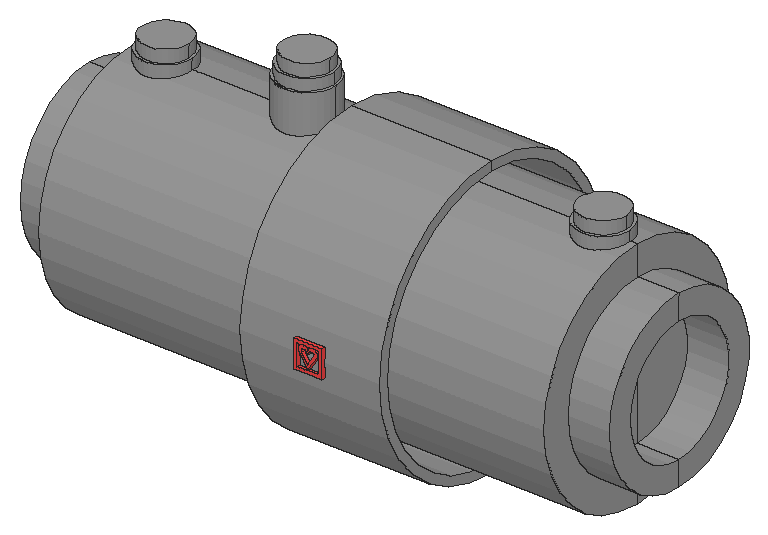
Revit family "HERZ System Separator 0307 IG-IG", category Rohrzubehör, Revit 2020
Family settings
  Bemaßung runder Anschluss = Durchmesser verwenden
  Teiletyp = Unterbricht
  OmniClass-Nummer = 23.65.55.14
  OmniClass-Titel = Valves for Liquid Services
  Arbeitsebenenbasiert = Nein
  Immer vertikal = Ja
  Beim Laden mit Abzugskörper schneiden = Nein
  Gemeinsam genutzt = Nein
Parameters (values of type "IG-IG DN40-DN40")
  Vorgabe-Ansicht = 0.000 mm
  URL = "www.herzvalves.com"
  SCTWSEQ = "AW;SBT_TYP_AW=\"104\";2"
  SCTWCODE = "04;12;02"  # constant formula
  S03 = 15.000 mm  # constant formula
  S02 = 45.000 mm  # constant formula
  S01 = 98.000 mm  # constant formula
  Nennweite Ein [instance] = if(IG_IG_DN40_DN40, 40.000 mm, if(IG_IG_DN40_DN50, 40.000 mm, if(IG_IG_DN50_DN40, 50.000 mm, if(IG_IG_DN50_DN50, 50.000 mm, 0.000 mm))))  # 40.000 mm
  Nennweite Aus [instance] = if(IG_IG_DN40_DN40, 40.000 mm, if(IG_IG_DN40_DN50, 50.000 mm, if(IG_IG_DN50_DN40, 40.000 mm, if(IG_IG_DN50_DN50, 50.000 mm, 0.000 mm))))  # 40.000 mm
  Model = "The backflow preventer has been developed in accordance with the standard DIN EN 1717.\r\nAccording to this standard, the water quality is divided up into 5 classes depending on the degree of contamination.\r\nBackflow preventers of type BA provide protection against non-drinking water up to hazard class 4.\r\nThis is the highest hazard class that may be safeguarded with a valve.\r\nSafeguarding a standpipe with a lower form of protection than a system separator of type BA per DIN EN 1717 is no longer reflective of current engineering practice and the operator is therefore liable in the event of damage with such a standpipe.\r\nThe functional unit is designed as a single-piece cartridge with large-dimension control piston and pressure surge-damped discharge valve system.\r\nThreaded connections are mutually interchangeable, whereby 16 possible connection variants exist (intake and outlet side available in 1 1/2\" inner or outer thread, alternatively in 2\" inner or outer thread)."
  Medium = "Water (without steam)"  # constant formula
  Max. permissible temperature (short-term) = 80 °C  # constant formula
  Max. operating temperature = 65 °C  # constant formula
  Max. operating pressure = 1000000.0 Pa  # constant formula
  L08 = 45.000 mm  # constant formula
  L07 = 24.500 mm  # constant formula
  L06 = 70.000 mm  # constant formula
  L05 = 28.000 mm  # constant formula
  L04 = 13.500 mm  # constant formula
  L03 = 84.500 mm  # constant formula
  L02 = 18.000 mm  # constant formula
  L01 = 190.000 mm  # constant formula
  Installation position = "Horizontal or perpendicular pointing downwards"  # constant formula
  Note = "Pursuant to Article 33 of the REACH Regulation (EC No. 1907/2006), we are obliged to point out that the material lead is listed on the SVHC list and that all brass components manufactured in our products exceed 0.1% (w / w) lead (CAS: 7439-92-1 / EINECS: 231-100-4).\r\nSince lead is a component part of an alloy, actual exposure is not possible and therefore no additional information on safe use is necessary."
  Hersteller = "HERZ Armaturen Ges.m.b.H."  # constant formula
  D04 [instance] = if(IG_IG_DN40_DN40, 28.000 mm, if(IG_IG_DN40_DN50, 33.000 mm, if(IG_IG_DN50_DN40, 28.000 mm, if(IG_IG_DN50_DN50, 33.000 mm, 0.000 mm))))  # 28.000 mm
  D03 [instance] = if(IG_IG_DN40_DN40, 28.000 mm, if(IG_IG_DN40_DN50, 28.000 mm, if(IG_IG_DN50_DN40, 33.000 mm, if(IG_IG_DN50_DN50, 33.000 mm, 0.000 mm))))  # 28.000 mm
  D02 = 45.000 mm  # constant formula
  D01 = 37.500 mm  # constant formula
  Body = "stainless steel"  # constant formula
  Part number [instance] = if(IG_IG_DN40_DN40, "I030701", if(IG_IG_DN40_DN50, "I030709", if(IG_IG_DN50_DN40, "I030713", if(IG_IG_DN50_DN50, "I030705", "0"))))  # "I030701"
  IG_IG_DN50_DN50 = no
  IG_IG_DN50_DN40 = no
  IG_IG_DN40_DN50 = no
  IG_IG_DN40_DN40 = yes
  IG Ein [instance] = Nennweite Ein / 2  # 20.000 mm
  IG Aus [instance] = Nennweite Aus / 2  # 20.000 mm
  Application = "The backflow preventer is an economical solution for retrofitting to standpipes that are required to have a mandatory safety valve according to DIN EN 1717 for preventing the back-suction, back-flowing or back-pressuring of non-drinking water into the drinking water line.\r\nThe backflow preventer is suitable for horizontal installation.\r\nIt can also be fitted perpendicular, although only pointing downwards.\r\nIt is not approved for installation in a riser."
Types (5, lengths in mm): name | Nennweite Ein | Nennweite Aus | D04 | D03 | Part number | IG_IG_DN50_DN50 | IG_IG_DN50_DN40 | IG_IG_DN40_DN50 | IG_IG_DN40_DN40 | IG Ein | IG Aus
  (no name) | 40.000 | 40.000 | 28.000 | 28.000 | "I030701" | no | no | no | yes | 20.000 | 20.000
  IG-IG DN40-DN50 | 40.000 | 50.000 | 33.000 | 28.000 | "I030709" | no | no | yes | no | 20.000 | 25.000
  IG-IG DN40-DN40 | 40.000 | 40.000 | 28.000 | 28.000 | "I030701" | no | no | no | yes | 20.000 | 20.000
  IG-IG DN50-DN50 | 50.000 | 50.000 | 33.000 | 33.000 | "I030705" | yes | no | no | no | 25.000 | 25.000
  IG-IG DN50-DN40 | 50.000 | 40.000 | 28.000 | 33.000 | "I030713" | no | yes | no | no | 25.000 | 20.000
Reference planes
  plane 1 "Mitte (Vorne/hinten)": y = 0
  plane 2: z = 0
  plane 3 "Mitte (Links/rechts)": x = 0
Forms (mm)
  Revolve 1, solid, material "Messing, weicher Gelbton, geschweißt", detail levels fine
    sketch origin (0, 0, 0) x (1, 0, 0) y (0, 0, 1)
      loop
        line (81.5, 0) -> (81.5, 20) -> (95, 20) -> (95, 28) -> (81.5, 28) -> (81.5, 37.5) -> (-81.5, 37.5) -> (-81.5, 28) -> (-95, 28) -> (-95, 20) -> (-81.5, 20) -> (-81.5, 0) -> (81.5, 0)
      axis (-95, 0) -> (95, 0)
    angle from 0 to 360
  Revolve 2, solid, material "Acetalharz, Schwarz", detail levels fine
    sketch origin (0, 0, 0) x (1, 0, 0) y (0, 0, 1)
      loop
        line (-10.5, 0) -> (1.5, 0) -> (1.5, 42) -> (34.5, 42) -> (34.5, 45) -> (-10.5, 45) -> (-10.5, 0)
      axis (-10.5, 0) -> (34.5, 0)
    angle from 0 to 360
  Extrusion 3, solid, material "Messing, weicher Gelbton, geschweißt", detail levels fine
    sketch origin (0, 0, 0) x (1, 0, 0) y (0, 1, 0)
      loop
        circle (-70.5, 0) r 8.5
      loop
        circle (70.5, 0) r 8.5
    from 0 to 40.5
  Extrusion 4, solid, material "Acetalharz, Schwarz", detail levels fine
    sketch origin (0, 0, 0) x (1, 0, 0) y (0, 1, 0)
      loop
        circle (-70.5, 0) r 7.5
      loop
        circle (70.5, 0) r 7.5
    from 40.5 to 44.5
  Extrusion 5, solid, material "Messing, weicher Gelbton, geschweißt", detail levels fine
    sketch origin (0, 0, 0) x (1, 0, 0) y (0, 1, 0)
      loop
        circle (-25, 0) r 9.3
    from 0 to 49
  Extrusion 6, solid, material "Messing, weicher Gelbton, geschweißt", detail levels fine
    sketch origin (0, 0, 0) x (1, 0, 0) y (0, 1, 0)
      loop
        circle (-25, 0) r 8.5
    from 49 to 52.5
  Extrusion 7, solid, material "Acetalharz, Schwarz", visible <- "IG_IG_DN40_DN50", detail levels fine
    sketch origin (0, 0, 0) x (1, 0, 0) y (0, 1, 0)
      loop
        circle (-25, 0) r 7.5
    from 52.5 to 56.5
  Extrusion 8, solid, material "Acetalharz, Schwarz", visible <- "IG_IG_DN40_DN40", detail levels fine
    sketch origin (0, 0, 0) x (1, 0, 0) y (0, 1, 0)
      loop
        circle (-25, 0) r 7.5
    from 52.5 to 56.4
  Extrusion 9, solid, material "Acetalharz, Schwarz", visible <- "IG_IG_DN50_DN50", detail levels fine
    sketch origin (0, 0, 0) x (1, 0, 0) y (0, 1, 0)
      loop
        circle (-25, 0) r 7.5
    from 52.5 to 56.3
  Extrusion 10, solid, material "Acetalharz, Schwarz", visible <- "IG_IG_DN50_DN40", detail levels fine
    sketch origin (0, 0, 0) x (1, 0, 0) y (0, 1, 0)
      loop
        circle (-25, 0) r 7.5
    from 52.5 to 56.2
Lines and regions (mm)
  model lines, detail levels coarse+medium
    curve 1: line (-95, 0, 37.5) -> (95, 0, 37.5)
    curve 2: line (-95, 0, -37.5) -> (-95, 0, 37.5)
    curve 3: line (95, 0, -37.5) -> (-95, 0, -37.5)
    curve 4: line (95, 0, 37.5) -> (95, 0, -37.5)
    curve 5: line (-95, 0, -22.5) -> (-50, 0, -22.5)
    curve 6: line (-3, 0, -22.5) -> (95, 0, -22.5)
    curve 7: line (-95, 0, 22.5) -> (-50, 0, 22.5)
    curve 8: line (-3, 0, 22.5) -> (95, 0, 22.5)
    curve 9: line (-95, 37.5, 0) -> (95, 37.5, 0)
    curve 10: line (-95, -37.5, 0) -> (-95, 37.5, 0)
    curve 11: line (95, -37.5, 0) -> (-95, -37.5, 0)
    curve 12: line (95, 37.5, 0) -> (95, -37.5, 0)
    curve 13: line (-95, 22.5, 0) -> (-50, 22.5, 0)
    curve 14: line (-3, 22.5, 0) -> (95, 22.5, 0)
    curve 15: line (-95, -22.5, 0) -> (-50, -22.5, 0)
    curve 16: line (-3, -22.5, 0) -> (95, -22.5, 0)
Dimensions and locks
  equal spacing: curve 4, plane 3 "Mitte (Links/rechts)", curve 2
  "L01": curve 4 to curve 2
  "D01": curve 1 to plane 2 to curve 3
  "S03": curve 5 to curve 3
  "S03": curve 1 to curve 7
  "S03": curve 1 to curve 8
  "S03": curve 6 to curve 3
  "S02": curve 5 to curve 2
  "S02": curve 7 to curve 2
  "S01": curve 8 to curve 4
  "S01": curve 6 to curve 4
  equal spacing: curve 10, plane 3 "Mitte (Links/rechts)", curve 12
  "L01": curve 10 to curve 12
  "D01": curve 11 to plane 1 "Mitte (Vorne/hinten)" to curve 9
  "S03": curve 13 to curve 9
  "S03": curve 11 to curve 15
  "S03": curve 14 to curve 9
  "S03": curve 11 to curve 16
  "S01": curve 14 to curve 12
  "S01": curve 16 to curve 12
  "S02": curve 10 to curve 15
  "S02": curve 10 to curve 13
  "D02": Revolve 2 sketch curve to Revolve 2 sketch curve
  equal spacing: Revolve 2, nested 1, Revolve 2
  "D02": nested 1 to plane 1 "Mitte (Vorne/hinten)"
  "IG Ein": Revolve 1 sketch curve to plane 2
  "D03": Revolve 1 sketch curve to plane 2
  "D01": Revolve 1 sketch curve to plane 2
  "L03": Revolve 1 to Revolve 2 sketch curve
  "L07": Revolve 1 to Extrusion 3 sketch curve
  "L07": Revolve 1 to Extrusion 4 sketch curve
  "L06": Revolve 1 to Extrusion 5 sketch curve
  "L06": Revolve 1 to Extrusion 6 sketch curve
  "L06": Revolve 1 to Extrusion 10 sketch curve
  "L06": Revolve 1 to Extrusion 9 sketch curve
  "L06": Revolve 1 to Extrusion 8 sketch curve
  "L06": Revolve 1 to Extrusion 7 sketch curve
  "L08": Revolve 2 sketch curve to Revolve 2 sketch curve
  "IG Aus": Revolve 1 sketch curve to Revolve 1 sketch curve
  "D04": Revolve 1 sketch curve to Revolve 1 sketch curve
  "L01": Revolve 1 sketch curve to Revolve 1 sketch curve
  equal spacing: Revolve 1 sketch curve, plane 3 "Mitte (Links/rechts)", Revolve 1 sketch curve
  "L07": Extrusion 3 sketch curve to Revolve 1
  "L07": Extrusion 4 sketch curve to Revolve 1
  "L04": Revolve 1 sketch curve to Revolve 1 sketch curve  (x2)
  aligned and locked: level to plane 2
Automatic sketch dimensions
  Revolve 1 sketch curve to level = 0.000 mm  (x2)
  Revolve 1 sketch curve to Revolve 1 sketch curve = 0.000 mm
  Revolve 1 sketch curve to Revolve 1 sketch curve = 13.500 mm
  Revolve 1 sketch curve to Revolve 1 sketch curve = 1408.530 mm
  Revolve 1 sketch curve to Revolve 1 sketch curve = 1741.148 mm
  Revolve 2 sketch curve to level = 0.000 mm  (x2)
  plane 3 "Mitte (Links/rechts)" to Revolve 2 sketch curve = 1.500 mm
  Revolve 2 sketch curve to Revolve 2 sketch curve = 3.000 mm
  Revolve 2 sketch curve to Revolve 2 sketch curve = 1496.030 mm
  Revolve 2 sketch curve to Revolve 2 sketch curve = 1804.648 mm
  plane 1 "Mitte (Vorne/hinten)" to Extrusion 3 sketch curve = 0.000 mm  (x2)
  plane 1 "Mitte (Vorne/hinten)" to Extrusion 4 sketch curve = 0.000 mm  (x2)
  plane 1 "Mitte (Vorne/hinten)" to Extrusion 5 sketch curve = 0.000 mm
  plane 1 "Mitte (Vorne/hinten)" to Extrusion 6 sketch curve = 0.000 mm
  plane 1 "Mitte (Vorne/hinten)" to Extrusion 7 sketch curve = 0.000 mm
  plane 1 "Mitte (Vorne/hinten)" to Extrusion 8 sketch curve = 0.000 mm
  plane 1 "Mitte (Vorne/hinten)" to Extrusion 9 sketch curve = 0.000 mm
  plane 1 "Mitte (Vorne/hinten)" to Extrusion 10 sketch curve = 0.000 mm
  radius of Extrusion 3 sketch curve = 8.500 mm  (x2)
  radius of Extrusion 4 sketch curve = 7.500 mm  (x2)
  radius of Extrusion 5 sketch curve = 9.300 mm
  radius of Extrusion 6 sketch curve = 8.500 mm
  radius of Extrusion 7 sketch curve = 7.500 mm
  radius of Extrusion 8 sketch curve = 7.500 mm
  radius of Extrusion 9 sketch curve = 7.500 mm
  radius of Extrusion 10 sketch curve = 7.500 mm
Nested families
  nested 1: "Herz-Logo-vorne" at (12, -45, 0) x (0, 1, 0) z (0, 0, 1), type "Herz-Logo-vorne", detail levels fine
Connectors
  piping at (-81.5, 0, 0), diameter 40, driven by "Nennweite Ein"
    settings: on Revolve 1, index 1, connector inside diameter 609.6 mm, connector length 0.000 mm, flow factor 0, pipe flow 0.0 L/s, pressure drop 0.0 Pa, fitting loss kfactor 0, connector angle 0.00°, fixture units 0, engagement length 0.000 mm, angle of deflection 0.00°, flow configuration 0, flow direction 1, fitting loss method 0, system type 29, joint type 0, gender type 0, connector reference index -1, connector utility 0, adjustable connector no, is connector primary yes, connector description ""
  piping at (81.5, 0, 0), diameter 40, driven by "Nennweite Aus"
    settings: on Revolve 1, index 2, connector inside diameter 609.6 mm, connector length 0.000 mm, flow factor 0, pipe flow 0.0 L/s, pressure drop 0.0 Pa, fitting loss kfactor 0, connector angle 0.00°, fixture units 0, engagement length 0.000 mm, angle of deflection 0.00°, flow configuration 0, flow direction 2, fitting loss method 0, system type 29, joint type 0, gender type 0, connector reference index -1, connector utility 0, adjustable connector no, is connector primary no, connector description ""
Definition of nested family "Herz-Logo-vorne"
  Parameters (values of type "Herz-Logo-vorne")
    Default Elevation = 0.000 mm
  Reference planes
    plane 1 "Mitte (Vorne/hinten)": y = 0
    plane 2: z = 0
    plane 3 "Mitte (Links/rechts)": x = 0
  Forms (mm)
    Extrusion 1, solid
      sketch origin (0.732, -0.018, 0.017) x (0, -1, 0) y (0, 0, 1)
        loop
          line (-0.018, -4.517) -> (4.482, -4.517) -> (4.482, 4.483) -> (-4.518, 4.483) -> (-4.518, -4.517) -> (-0.018, -4.517)
        loop
          line (-0.05, -3.48) -> (3.482, -3.48) -> (3.482, 3.483) -> (-3.518, 3.483) -> (-3.518, -3.48) -> (-0.05, -3.48)
        loop
          arc (-0.018, 2.383) -> (-1.543, 3.287) -> (-3.067, 2.383) r 1.738
          arc (-3.067, 2.383) -> (-3.191, 1.899) -> (-3.067, 1.415) r 1.009
          line (-3.067, 1.415) -> (-0.018, -3.281) -> (3.032, 1.415)
          arc (3.032, 1.415) -> (3.156, 1.899) -> (3.032, 2.383) r 1.009
          arc (3.032, 2.383) -> (1.507, 3.287) -> (-0.018, 2.383) r 1.738
        loop
          arc (1.885, 1.272) -> (2.005, 1.675) -> (1.885, 2.079) r 0.74
          arc (1.885, 2.079) -> (1.265, 2.416) -> (0.644, 2.079) r 0.74
          line (0.644, 2.079) -> (-0.018, 0.97) -> (-0.679, 2.079)
          arc (-0.679, 2.079) -> (-1.3, 2.416) -> (-1.921, 2.079) r 0.74
          arc (-1.921, 2.079) -> (-2.04, 1.675) -> (-1.921, 1.272) r 0.74
          line (-1.921, 1.272) -> (-0.018, -1.658) -> (1.885, 1.272)
      from 0 to 1.5
  Dimensions and locks
    aligned and locked: level to plane 2
